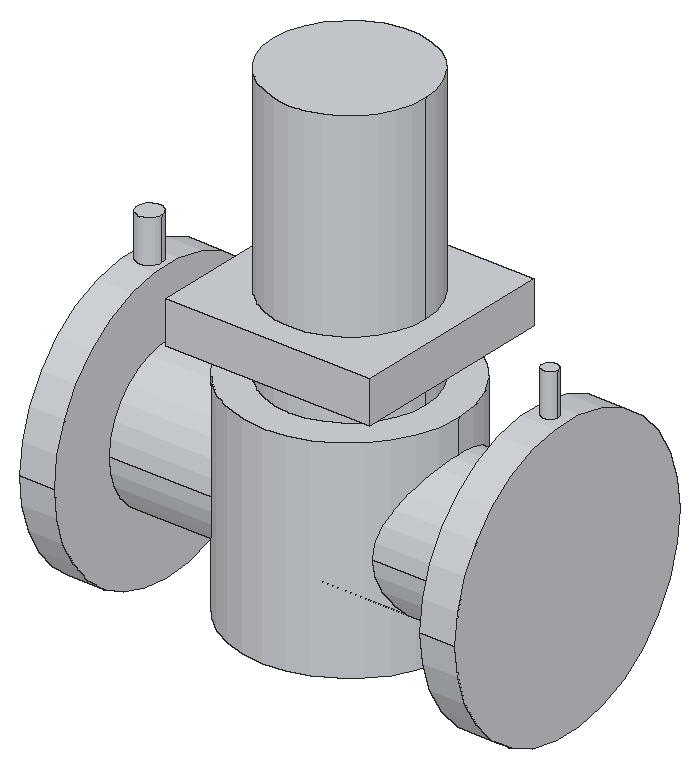
Revit family "PV_Compact_PN25_DN080_(20-100kPa)_RFA_2019", category Pipe Accessories, Revit 2019
Family settings
  Round Connector Dimension = Use Diameter
  Part Type = Valve - Breaks Into
  Work Plane-Based = No
  Always vertical = Yes
  Cut with Voids When Loaded = No
  Shared = No
Parameters (values of type "PV Compact PN25 DN080 (20-100kPa)")
  magiProductId = "a1826ed98cb744f2bf0249353d27a7"
  magiProductFamilyId = "7c5767a2a396495b8f1e69654734b4"
  magiPartTypeId = 304
  isMeasuringValve [instance] = no
  ang2D [instance] = 0.00°
  W2D = 50 mm
  VersionID = "2.0/2018.12.13.2/FRESE_PV_COMPACT_BIG_Q13_001"
  Use Minimum Symbol Size [instance] = no
  URL = "www.hydronic.cz"
  Type Comments = "PŘÍRUBOVÝ; PN25; dpmax=1000kPa; -10~+120°C"
  R4 = 54.25 mm
  R3 = 52 mm
  R1 = 77.5 mm
  QmdConnectorList = "301;D;302;D"
  Productdata [instance] = ""
  Manufacturer = "Hydronic Systems Prague s.r.o."
  Maintenance Zone Under Depth [instance] = 100 mm
  Maintenance Zone Right Depth [instance] = 100 mm
  Maintenance Zone Over Depth [instance] = 100 mm
  Maintenance Zone Left Depth [instance] = 100 mm
  Maintenance Zone Front Depth [instance] = 100 mm
  Maintenance Zone Back Depth [instance] = 100 mm
  Maintenance Zone Front Visibility [instance] = no
  MC Use Limits From Balancing Method = no
  MC Throttling Minimum Value = 0
  MC Throttling Maximum Value = 0
  MC Product Code = "53-3326 DN080 PN25; nastavitelný rozsah dp=20~100kPa; Q=7,5~30,0 m3/h;  kvs=67"
  MC Pressure Drop Minimum Value = 0.0 Pa
  MC Pressure Drop Maximum Value = 0.0 Pa
  MC Piping Given Pressure Drop [instance] = 0.0 Pa
  LF__ve = -LF  # -24.8 mm
  LF2 = 12.4 mm
  LF = 24.8 mm
  L4 = 145.7 mm
  L3 = 260.4 mm
  L2D_Min = 30.48 mm
  L2D = 230 mm
  L2 = 155 mm
  H6 = 141 mm
  H4 = 30 mm
  H3 = 25 mm
  H2 = 75 mm
  H1 = 150 mm
  Description = "Nastavitelný regulátor tlakové diference"
  DF2 = 100 mm
  D = 80 mm
  Clearance Zone Height Depth [instance] = 100 mm
  Clearance Zone Circular Radius [instance] = 155 mm
  Clearance Zone Visibility [instance] = no
  CAT0 = yes
Types (7, lengths in mm): name | magiProductId | Type Comments | R4 | R3 | R1 | MC Product Code | LF__ve | LF2 | LF | L4 | L3 | L2 | H6 | H4 | H3 | H2 | H1 | DF2 | D | Clearance Zone Circular Radius
  PV Compact PN25 DN050 (20-100kPa) | "c83fbc6219d94d148ccf13b963e54b" | "PŘÍRUBOVÝ; PN25; dpmax=1000kPa; -10~+120°C" | 40.25 | 42.9 | 57.5 | "53-3320 DN050 PN25; nastavitelný rozsah dp=20~100kPa; Q=3,2~13,0 m3/h;  kvs=29" | -18.4 | 9.2 | 18.4 | 108.1 | 193.2 | 115 | 82.25 | 24.75 | 20.625 | 61.875 | 123.75 | 82.5 | 50 | 115
  PV Compact PN25 DN065 (20-100kPa) | "130d70b5f9404660882d0b277b908a" | "PŘÍRUBOVÝ; PN25; dpmax=1000kPa; -10~+120°C" | 50.75 | 48.1 | 72.5 | "53-3323 DN065 PN25; nastavitelný rozsah dp=20~100kPa; Q=4,7~18,8 m3/h;  kvs=42" | -23.2 | 11.6 | 23.2 | 136.3 | 243.6 | 145 | 105.25 | 27.75 | 23.125 | 69.375 | 138.75 | 92.5 | 65 | 145
  PV Compact PN25 DN080 (20-100kPa) | "a1826ed98cb744f2bf0249353d27a7" | "PŘÍRUBOVÝ; PN25; dpmax=1000kPa; -10~+120°C" | 54.25 | 52 | 77.5 | "53-3326 DN080 PN25; nastavitelný rozsah dp=20~100kPa; Q=7,5~30,0 m3/h;  kvs=67" | -24.8 | 12.4 | 24.8 | 145.7 | 260.4 | 155 | 141 | 30 | 25 | 75 | 150 | 100 | 80 | 155
  PV Compact PN25 DN100 (20-100kPa) | "7cf36ffc9d0642d6874cd3d421d477" | "PŘÍRUBOVÝ; PN25; dpmax=1000kPa; -10~+120°C" | 61.25 | 61.1 | 87.5 | "53-3329 DN100 PN25; nastavitelný rozsah dp=20~100kPa; Q=12,9~51,4 m3/h;  kvs=115" | -28 | 14 | 28 | 164.5 | 294 | 175 | 234.75 | 35.25 | 29.375 | 88.125 | 176.25 | 117.5 | 100 | 175
  PV Compact PN25 DN125 (20-100kPa) | "79fb1938054147a099bb761cc75d0a" | "PŘÍRUBOVÝ; PN25; dpmax=1000kPa; -10~+120°C" | 70 | 70.2 | 100 | "53-3332 DN125 PN25; nastavitelný rozsah dp=20~100kPa; Q=19,0~76,0 m3/h;  kvs=170" | -32 | 16 | 32 | 188 | 336 | 200 | 225.5 | 40.5 | 33.75 | 101.25 | 202.5 | 135 | 125 | 200
  PV Compact PN25 DN150 (20-100kPa) | "9089b5560db447c5b770287446c8b2" | "PŘÍRUBOVÝ; PN25; dpmax=1000kPa; -10~+110°C" | 84 | 74.1 | 120 | "53-3335 DN150 PN25; nastavitelný rozsah dp=20~100kPa; Q=28,0~112 m3/h;  kvs=250" | -38.4 | 19.2 | 38.4 | 225.6 | 403.2 | 240 | 256.25 | 42.75 | 35.625 | 106.875 | 213.75 | 142.5 | 150 | 240
  PV Compact PN25 DN200 (20-100kPa) | "21d4a96559b243fabb2a9fe74f4fa1" | "PŘÍRUBOVÝ; PN25; dpmax=1000kPa; -10~+110°C" | 105 | 98.8 | 150 | "53-3338 DN200 PN25; nastavitelný rozsah dp=20~100kPa; Q=30,7~123 m3/h;  kvs=275" | -48 | 24 | 48 | 282 | 504 | 300 | 150 | 57 | 47.5 | 142.5 | 285 | 190 | 200 | 300
Reference planes
  plane 1 "Center (Front/Back)": y = 0
  plane 2 "XYPLANE": z = 0
  plane 3 "Center (Left/Right)": x = 0
  plane 4 "257": y = -100
  plane 5 "256": y = 100
  plane 6 "255": z = -100
  plane 7 "254": y = -200
  plane 8 "253": y = 200
  plane 9 "252": x = -255
  plane 10 "251": x = 255
  plane 11 "250": z = 371
  plane 12 "249": z = -200
  plane 13 "248": z = 371
  plane 14 "247": z = 271
  plane 15 "157": x = 142.6
  plane 16 "156": x = -142.6
  plane 17 "155": z = 100
  plane 18 "154": z = 130
  plane 19 "153": z = 100
  plane 20 "152": z = 75
  plane 21 "151": x = -130.2
  plane 22 "150": z = -75
  plane 23 "149": x = 0
  plane 24 "148": y = 0
  plane 25 "147": z = 0
  plane 26 "146": x = -155
  plane 27 "145": x = 155
Forms (mm)
  Blend 1, solid, visible <- "Maintenance Zone Front Visibility"
    base sketch origin (-750, 0, -200) x (1, 0, 0) y (0, 1, 0)
      loop
        line (495, 200) -> (495, -200) -> (1005, -200) -> (1005, 200) -> (495, 200)
    top sketch origin (-750, 0, -200) x (1, 0, 0) y (0, 1, 0)
      loop
        line (495, 200) -> (495, -200) -> (1005, -200) -> (1005, 200) -> (495, 200)
    from 0 to 571
  Blend 2, solid, visible <- "Clearance Zone Visibility"
    base sketch origin (-750, 0, 0) x (1, 0, 0) y (0, 1, 0)
      loop
        circle (750, 0) r 155
    top sketch origin (-750, 0, 0) x (1, 0, 0) y (0, 1, 0)
      loop
        circle (750, 0) r 155
    from 0 to 371
  Extrusion 3, solid, visible <- "CAT0"
    sketch origin (-750, 0, 100) x (1, 0, 0) y (0, 1, 0)
      loop
        circle (892.6, 0) r 5.5
    from 0 to 30
  Extrusion 4, solid, visible <- "CAT0"
    sketch origin (-750, 0, 100) x (1, 0, 0) y (0, 1, 0)
      loop
        circle (607.4, 0) r 8.7
    from 0 to 30
  Extrusion 5, solid
    sketch origin (-750, 0, 130) x (1, 0, 0) y (0, 1, 0)
      loop
        circle (750, 0) r 54.25
    from 0 to 141 <- "H6"
  Extrusion 6, solid, visible <- "CAT0"
    sketch origin (-750, 0, 100) x (1, 0, 0) y (0, 1, 0)
      loop
        line (822.85, 72.85) -> (677.15, 72.85) -> (677.15, -72.85) -> (822.85, -72.85) -> (822.85, 72.85)
    from 0 to 30 <- "H4"
  Extrusion 7, solid, visible <- "CAT0"
    sketch origin (-750, 0, 75) x (1, 0, 0) y (0, 1, 0)
      loop
        circle (750, 0) r 54.25
    from 0 to 25 <- "H3"
  Extrusion 8, solid, visible <- "CAT0"
    sketch origin (-130.2, -750, 0) x (0, 1, 0) y (0, 0, 1)
      loop
        circle (750, 0) r 52
    from 0 to 260.4 <- "L3"
  Extrusion 9, solid, visible <- "CAT0"
    sketch origin (-750, 0, -75) x (1, 0, 0) y (0, 1, 0)
      loop
        circle (750, 0) r 77.5
    from 0 to 150 <- "H1"
  Extrusion 10, solid, visible <- "CAT0"
    sketch origin (-155, -750, 0) x (0, 1, 0) y (0, 0, 1)
      loop
        circle (750, 0) r 100
    from 0 to 24.8 <- "LF"
  Extrusion 11, solid, visible <- "CAT0"
    sketch origin (155, -750, 0) x (0, 1, 0) y (0, 0, 1)
      loop
        circle (750, 0) r 100
    from 0 to -24.8 <- "LF__ve"
  Extrusion 12, solid, not visible
    sketch origin (-155, -750, 0) x (0, 1, 0) y (0, 0, 1)
      loop
        circle (750, 0) r 10
    from 0 to 10
  Extrusion 13, solid, not visible
    sketch origin (155, -750, 0) x (0, 1, 0) y (0, 0, 1)
      loop
        circle (750, 0) r 10
    from 0 to -10
Lines and regions (mm)
  reference lines, not visible
    curve 1: circle (2, 2, 0) r 1 normal (0, 0, 1)
  reference lines
    curve 2: circle (0, 0, 100) r 1 normal (0, 0, 1)
Dimensions and locks
  plane 1 "Center (Front/Back)" to curve 1 = 2 mm
  "DF2": plane 24 "148" to plane 4 "257"
  "DF2": plane 24 "148" to plane 5 "256"
  "DF2": plane 25 "147" to plane 6 "255"
  "Maintenance Zone Front Depth": plane 4 "257" to plane 7 "254"
  "Maintenance Zone Back Depth": plane 5 "256" to plane 8 "253"
  "Maintenance Zone Left Depth": plane 26 "146" to plane 9 "252"
  "Maintenance Zone Right Depth": plane 27 "145" to plane 10 "251"
  "Maintenance Zone Over Depth": plane 14 "247" to plane 11 "250"
  "Maintenance Zone Under Depth": plane 6 "255" to plane 12 "249"
  "Clearance Zone Height Depth": plane 14 "247" to plane 13 "248"
  "H6": plane 18 "154" to plane 14 "247"
  "LF2": plane 27 "145" to plane 15 "157"
  "LF2": plane 26 "146" to plane 16 "156"
  "DF2": plane 2 "XYPLANE" to plane 17 "155"
  "H4": plane 19 "153" to plane 18 "154"
  "H3": plane 20 "152" to plane 19 "153"
  "H1": plane 22 "150" to plane 20 "152"
  "LF": plane 26 "146" to plane 21 "151"
  "H2": plane 2 "XYPLANE" to plane 22 "150"
  locked: plane 3 "Center (Left/Right)" to plane 23 "149"
  locked: plane 1 "Center (Front/Back)" to plane 24 "148"
  locked: plane 2 "XYPLANE" to plane 25 "147"
  "L2": plane 3 "Center (Left/Right)" to plane 26 "146"
  "L2": plane 3 "Center (Left/Right)" to plane 27 "145"
  Blend 1 sketch curve to Blend 1 sketch curve = 0 mm  (x16)
  equal spacing: Extrusion 6 sketch curve, curve 2, Extrusion 6 sketch curve  (x2)
  "L4": Extrusion 6 sketch curve to Extrusion 6 sketch curve  (x2)
  Extrusion 6 sketch curve to Extrusion 6 sketch curve = 0 mm  (x8)
  "Clearance Zone Circular Radius": radius of Blend 2 sketch curve  (x2)
  "R4": radius of Extrusion 5 sketch curve
  "R4": radius of Extrusion 7 sketch curve
  "R3": radius of Extrusion 8 sketch curve
  "R1": radius of Extrusion 9 sketch curve
  "DF2": radius of Extrusion 10 sketch curve
  "DF2": radius of Extrusion 11 sketch curve
  aligned and locked: level to plane 2 "XYPLANE"
  aligned and locked: Blend 1 sketch curve to plane 8 "253"  (x2)
  aligned and locked: plane 9 "252" to Blend 1 sketch curve  (x4)
  aligned and locked: plane 10 "251" to Blend 1 sketch curve  (x4)
  aligned and locked: plane 8 "253" to Blend 1 sketch curve  (x2)
  aligned and locked: plane 7 "254" to Blend 1 sketch curve  (x4)
  aligned and locked: plane 11 "250" to Blend 1
  aligned and locked: plane 23 "149" to Blend 2 sketch curve  (x2)
  aligned and locked: plane 24 "148" to Blend 2 sketch curve  (x2)
  aligned and locked: plane 13 "248" to Blend 2
  aligned and locked: plane 15 "157" to Extrusion 3 sketch curve
  aligned and locked: plane 24 "148" to Extrusion 3 sketch curve
  aligned and locked: plane 16 "156" to Extrusion 4 sketch curve
  aligned and locked: plane 24 "148" to Extrusion 4 sketch curve
  aligned and locked: plane 23 "149" to Extrusion 5 sketch curve
  aligned and locked: plane 24 "148" to Extrusion 5 sketch curve
  aligned and locked: plane 23 "149" to curve 2
  aligned and locked: plane 24 "148" to curve 2
  aligned and locked: plane 23 "149" to Extrusion 7 sketch curve
  aligned and locked: plane 24 "148" to Extrusion 7 sketch curve
  aligned and locked: Extrusion 8 sketch curve to plane 24 "148"
  aligned and locked: plane 25 "147" to Extrusion 8 sketch curve
  aligned and locked: plane 23 "149" to Extrusion 9 sketch curve
  aligned and locked: plane 24 "148" to Extrusion 9 sketch curve
  aligned and locked: Extrusion 10 sketch curve to plane 24 "148"
  aligned and locked: plane 25 "147" to Extrusion 10 sketch curve
  aligned and locked: Extrusion 11 sketch curve to plane 24 "148"
  aligned and locked: plane 25 "147" to Extrusion 11 sketch curve
  aligned and locked: Extrusion 12 sketch curve to plane 24 "148"
  aligned and locked: plane 25 "147" to Extrusion 12 sketch curve
  aligned and locked: Extrusion 13 sketch curve to plane 24 "148"
  aligned and locked: plane 25 "147" to Extrusion 13 sketch curve
Automatic sketch dimensions
  Extrusion 3 sketch curve to plane 15 "157" = 5.5 mm
  plane 26 "146" to Extrusion 4 sketch curve = 3.7 mm
  plane 1 "Center (Front/Back)" to Extrusion 12 sketch curve = 10 mm
  plane 1 "Center (Front/Back)" to Extrusion 13 sketch curve = 10 mm
  plane 3 "Center (Left/Right)" to curve 1 = 2 mm
  plane 21 "151" to Extrusion 6 sketch curve = 57.35 mm
  plane 4 "257" to Extrusion 6 sketch curve = 27.15 mm
  radius of curve 2 = 1 mm
  radius of curve 1 = 1 mm
Connectors
  piping at (-155, 0, 0), diameter 80, driven by "D"
    settings: on Extrusion 12, index 1, connector inside diameter 609.6 mm, connector length 0 mm, flow factor 0, pipe flow 0.0 L/s, pressure drop 0.0 Pa, fitting loss kfactor 0, connector angle 0.00°, fixture units 0, engagement length 0 mm, angle of deflection 0.00°, flow configuration 0, flow direction 0, fitting loss method 0, system type 29, joint type 0, gender type 0, connector reference index 2, connector utility 0, adjustable connector no, is connector primary yes, connector description ""
  piping at (155, 0, 0), diameter 80, driven by "D"
    settings: on Extrusion 13, index 2, connector inside diameter 609.6 mm, connector length 0 mm, flow factor 0, pipe flow 0.0 L/s, pressure drop 0.0 Pa, fitting loss kfactor 0, connector angle 0.00°, fixture units 0, engagement length 0 mm, angle of deflection 0.00°, flow configuration 0, flow direction 0, fitting loss method 0, system type 29, joint type 0, gender type 0, connector reference index 1, connector utility 0, adjustable connector no, is connector primary no, connector description ""
